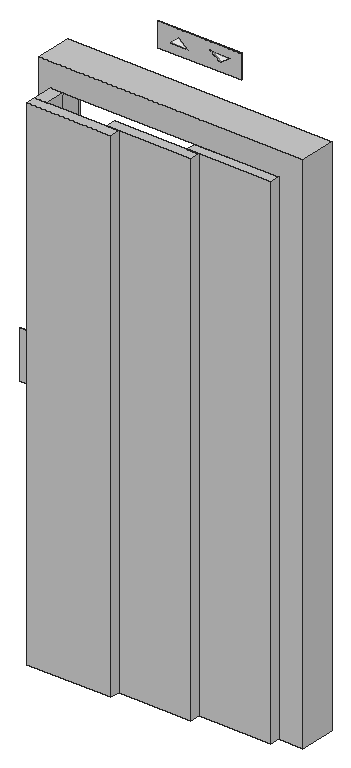
Revit family "DAL_A3-Lift-Side-Door", category Specialty Equipment, host Wall, Revit 2016
Family settings
  Host = Wall
  Part Type = Undefined
  Round Connector Dimension = Use Diameter
  Always vertical = Yes
  Cut with Voids When Loaded = No
  Shared = No
  Room Calculation Point = No
Parameters (values of type "13 Persons 1000kg load")
  Shaft-Car Gap = 250 mm
  Shaft Width = 1800 mm
  Shaft Depth = 2450 mm
  Lift Doors Finish = Lift Doors
  Lift Architrave Finish = Lift Architraves
  Door Width = 900 mm
  Door Offset = 0 mm
  Door Height = 2100 mm
  Description = "Dimensions indicative only! Check with your elevator consultant."
  Car Width = 1100 mm
  Car Offset = 100 mm
  Car Depth = 2100 mm
Types (3, lengths in mm): name | Shaft Width | Shaft Depth | Door Width | Car Width | Car Depth
  4 Person 320kg load | 1550 | 1450 | 700 | 800 | 1100
  6 Person 450kg load | 1700 | 1650 | 800 | 1000 | 1250
  13 Persons 1000kg load | 1800 | 2450 | 900 | 1100 | 2100
Reference planes
  plane 1: y = 0
  plane 2 "Center (Left/Right)": x = 203.914
  plane 3 "Back": y = 75
  plane 4: x = -696.086
  plane 5: x = 1103.914
  plane 6: y = -2450
  plane 7: y = -2300
  plane 8: y = -200
  plane 9 "car cl": x = 303.914
  plane 10 "car left": x = -246.086
  plane 11 "car right": x = 853.914
  plane 12: z = 2100
  plane 13: x = 303.914
  plane 14: x = 753.914
  plane 15: x = -146.086
  plane 16: y = -116.667
  plane 17: y = -158.333
  plane 18: x = 153.914
  plane 19: x = 453.914
Forms (mm)
  Sweep 1, solid, material "Lift Architraves" <- "Lift Architrave Finish"
    path origin (-5000, 75, 0) x (-1, 0, 0) y (0, 0, 1)
      loop
        line (-4753.914, 0) -> (-4753.914, 2200) -> (-5853.914, 2200) -> (-5853.914, 0)
    profile origin (853.914, 75, 1100) x (0, 1, 0) y (-1, 0, 0)
      loop
        line (0, 0) -> (0, 50) -> (-75, 50) -> (-75, 100) -> (-150, 100) -> (-150, 0) -> (0, 0)
  Extrusion 2, solid, material "Lift Doors" <- "Lift Doors Finish"
    sketch origin (0, 0, 0) x (1, 0, 0) y (0, 1, 0)
      loop
        line (753.914, -116.667) -> (753.914, -75) -> (403.914, -75) -> (403.914, -116.667) -> (753.914, -116.667)
    from 0 to 2100 <- "Door Height"
  Extrusion 3, solid, material "Lift Doors" <- "Lift Doors Finish"
    sketch origin (0, 0, 0) x (1, 0, 0) y (0, 1, 0)
      loop
        line (453.914, -158.333) -> (453.914, -116.667) -> (103.914, -116.667) -> (103.914, -158.333) -> (453.914, -158.333)
    from 0 to 2100 <- "Door Height"
  Extrusion 4, solid, material "Lift Doors" <- "Lift Doors Finish"
    sketch origin (0, 0, 0) x (1, 0, 0) y (0, 1, 0)
      loop
        line (153.914, -158.333) -> (-196.086, -158.333) -> (-196.086, -200) -> (153.914, -200) -> (153.914, -158.333)
    from 0 to 2100 <- "Door Height"
  Extrusion 5, solid, material "Lift Architraves" <- "Lift Architrave Finish"
    sketch origin (0, 0, 0) x (1, 0, 0) y (0, 1, 0)
      loop
        line (-146.086, -75) -> (-196.086, -75) -> (-196.086, -158.333) -> (-146.086, -158.333) -> (-146.086, -75)
    from 0 to 2100 <- "Door Height"
Lines and regions (mm)
  Opening 1
    outline origin (-5000, -75, 0) x (1, 0, 0) y (0, 0, 1)
      loop
        line (5853.914, 0) -> (5853.914, 2200) -> (4753.914, 2200) -> (4753.914, 0) -> (5853.914, 0)
  symbolic lines, style "Lift Shaft Outlines"
    curve 1: line (-696.086, -75, 0) -> (1103.914, -75, 0)
    curve 2: line (-696.086, -2450, 0) -> (-696.086, -160, 0)
    curve 3: line (1103.914, -2450, 0) -> (-696.086, -2450, 0)
    curve 4: line (1103.914, -160, 0) -> (1103.914, -2450, 0)
  symbolic lines, style "Lift Car Outlines"
    curve 5: line (-246.086, -200, 0) -> (853.914, -200, 0)
    curve 6: line (-246.086, -2300, 0) -> (-246.086, -200, 0)
    curve 7: line (853.914, -2300, 0) -> (-246.086, -2300, 0)
    curve 8: line (853.914, -200, 0) -> (853.914, -2300, 0)
    curve 9: line (-246.086, -200, 0) -> (853.914, -2300, 0)
    curve 10: line (-246.086, -2300, 0) -> (853.914, -200, 0)
  symbolic lines, style "Lift Doors"
    curve 11: line (753.914, -95.833, 0) -> (1103.914, -95.833, 0)
    curve 12: line (453.914, -137.5, 0) -> (1103.914, -137.5, 0)
    curve 13: line (153.914, -179.167, 0) -> (1103.914, -179.167, 0)
Text (mm)
  text "Placement side" at (-2658.703, 1036.632, 0), in view "Ref. Level"
  text "Placement side" at (0, 1605.175, 2923.955), in view "Left"
  text "Placement side" at (0, 595.982, 3004.978), in view "Right"
Dimensions and locks
  locked: plane 3 "Back" to host wall at 0
  equal spacing: plane 4, plane 2 "Center (Left/Right)", plane 5
  equal spacing: plane 10 "car left", plane 9 "car cl", plane 11 "car right"
  "Car Offset": plane 2 "Center (Left/Right)" to plane 9 "car cl"
  "Car Width": plane 10 "car left" to plane 11 "car right"
  "Shaft Width": plane 4 to plane 5
  "Door Height": level to plane 12
  "Shaft Depth": plane 6 to host wall
  "Car Depth": plane 7 to plane 8
  Sweep 1 sketch curve to profile plane = 50 mm
  locked: Sweep 1 to nested 2 at 100
  equal spacing: level, nested 1, plane 12
  locked: nested 1 to Sweep 1 at 100
  "Door Offset": plane 9 "car cl" to plane 13
  equal spacing: plane 15, plane 13, plane 14
  "Door Width": plane 15 to plane 14
  locked: Opening 1 sketch curve to plane 14 at 100
  locked: plane 12 to Opening 1 sketch curve at 100
  locked: Opening 1 sketch curve to plane 15 at 100
  equal spacing: plane 15, plane 18, plane 19, plane 14
  locked: Extrusion 2 sketch curve to plane 19 at 50
  locked: Extrusion 3 sketch curve to plane 18 at 50
  locked: Extrusion 4 sketch curve to plane 15 at 50
  equal spacing: plane 8, plane 17, plane 16, host wall
  locked: plane 8 to host wall at 125
  aligned and locked: host wall to plane 1
  aligned and locked: plane 4 to curve 1
  aligned and locked: plane 6 to curve 4
  aligned and locked: plane 5 to curve 4
  aligned and locked: plane 10 "car left" to curve 5
  aligned and locked: plane 8 to curve 5
  aligned and locked: plane 7 to curve 8
  aligned and locked: plane 11 "car right" to curve 8
  aligned and locked: profile plane to Sweep 1 sketch curve
  aligned and locked: host wall to Sweep 1 sketch curve
  aligned and locked: Sweep 1 sketch curve to plane 1
  aligned and locked: level to Opening 1 sketch curve
  aligned and locked: Sweep 1 sketch curve to host wall  (x3)
  aligned and locked: nested 2 to plane 13
  aligned and locked: plane 14 to Extrusion 2 sketch curve
  aligned and locked: Extrusion 2 sketch curve to plane 16
  aligned and locked: host wall to Extrusion 2 sketch curve
  aligned and locked: plane 19 to Extrusion 3 sketch curve
  aligned and locked: Extrusion 3 sketch curve to plane 17
  aligned and locked: plane 16 to Extrusion 3 sketch curve
  aligned and locked: plane 18 to Extrusion 4 sketch curve
  aligned and locked: Extrusion 4 sketch curve to plane 17
  aligned and locked: plane 8 to Extrusion 4 sketch curve
  aligned and locked: Extrusion 2 to curve 11
  aligned and locked: plane 5 to curve 11
  aligned and locked: Extrusion 3 to curve 12
  aligned and locked: plane 5 to curve 12
  aligned and locked: Extrusion 4 to curve 13
  aligned and locked: Extrusion 5 sketch curve to Sweep 1
  aligned and locked: Extrusion 5 sketch curve to host wall
  aligned and locked: Extrusion 4 to Extrusion 5 sketch curve
  aligned and locked: Extrusion 5 sketch curve to Extrusion 4
Automatic sketch dimensions
  Sweep 1 sketch curve to profile plane = 50 mm
  Sweep 1 sketch curve to Sweep 1 sketch curve = 50 mm
  Sweep 1 sketch curve to level = 0 mm  (x2)
  curve 3 to plane 4 = 0 mm
  curve 1 to host wall = 0 mm
  curve 1 to plane 5 = 0 mm
  curve 13 to plane 8 = 20.833 mm
  plane 17 to curve 2 = 1.667 mm
  plane 17 to curve 4 = 1.667 mm
  plane 16 to curve 12 = 20.833 mm
  host wall to curve 11 = 20.833 mm
Nested families
  nested 1: "Elevator Call Buttons" at (-300.027, 0, -50), type "Basic"
    with Height Above Floor 900 mm
  nested 2: "Elevator Anunciator" at (399.973, 0, 0), type "Basic"
    with Height Above Floor 2300 mm
Definition of nested family "Elevator Call Buttons"
  Parameters
    Width = 100 mm
    Height Above Floor [instance] = 900 mm
    Height = 200 mm
  Reference planes
    plane 1: y = 0
    plane 2 "Center (Left/Right)": x = -96.058
    plane 3 "Back": y = 75
    plane 4: z = 900
    plane 5: x = -46.058
    plane 6: x = -146.058
    plane 7: z = 1100
    plane 8: z = 1033.333
    plane 9: z = 966.667
  Forms (mm)
    Extrusion 1, solid
      sketch origin (0, 75, 0) x (1, 0, 0) y (0, 0, 1)
        loop
          line (-46.058, 1100) -> (-146.058, 1100) -> (-146.058, 900) -> (-46.058, 900) -> (-46.058, 1100)
        loop
          circle (-96.058, 1033.333) r 15
        loop
          circle (-96.058, 966.667) r 15
      from 0 to -3
    Extrusion 2, solid
      sketch origin (0, 75, 0) x (1, 0, 0) y (0, 0, 1)
        loop
          circle (-96.058, 1033.333) r 15
        loop
          circle (-96.058, 966.667) r 15
      from 0 to -4
  Text (mm)
    text "Placement side" at (-1864.261, 916.262, 0), in view "Ref. Level"
    text "Placement side" at (0, 1605.175, 2923.955), in view "Left"
    text "Placement side" at (0, 595.982, 3004.978), in view "Right"
  Dimensions and locks
    locked: plane 3 "Back" to host wall at 0
    equal spacing: plane 5, plane 2 "Center (Left/Right)", plane 6
    "Height": plane 4 to plane 7
    "Width": plane 5 to plane 6
    "Height Above Floor": level to plane 4
    equal spacing: plane 4, plane 9, plane 8, plane 7
    aligned and locked: host wall to plane 1
    aligned and locked: plane 5 to Extrusion 1 sketch curve
    aligned and locked: Extrusion 1 sketch curve to plane 7
    aligned and locked: plane 4 to Extrusion 1 sketch curve
    aligned and locked: Extrusion 1 sketch curve to plane 6
  Automatic sketch dimensions
    Extrusion 1 sketch curve to plane 2 "Center (Left/Right)" = 0 mm  (x2)
    Extrusion 1 sketch curve to plane 9 = 0 mm
    Extrusion 1 sketch curve to plane 8 = 0 mm
    Extrusion 2 sketch curve to plane 2 "Center (Left/Right)" = 0 mm  (x2)
    Extrusion 2 sketch curve to plane 4 = 66.667 mm
    plane 7 to Extrusion 2 sketch curve = 66.667 mm
    radius of Extrusion 1 sketch curve = 15 mm  (x2)
    radius of Extrusion 2 sketch curve = 15 mm  (x2)
Definition of nested family "Elevator Anunciator"
  Parameters
    Width = 350 mm
    Height Above Floor [instance] = 2300 mm
    Height = 100 mm
  Reference planes
    plane 1: y = 0
    plane 2 "Center (Left/Right)": x = -96.058
    plane 3 "Back": y = 75
    plane 4: z = 2300
    plane 5: x = 78.942
    plane 6: x = -271.058
    plane 7: z = 2400
    plane 8: z = 2366.667
    plane 9: z = 2333.333
    plane 10: x = -8.558
    plane 11: x = -52.308
    plane 12: x = 35.192
    plane 13: x = -183.558
    plane 14: x = -139.808
    plane 15: x = -227.308
  Forms (mm)
    Extrusion 1, solid
      sketch origin (0, 75, 0) x (1, 0, 0) y (0, 0, 1)
        loop
          line (78.942, 2400) -> (-271.058, 2400) -> (-271.058, 2300) -> (78.942, 2300) -> (78.942, 2400)
        loop
          line (35.192, 2366.667) -> (-52.308, 2366.667) -> (-8.558, 2333.333) -> (35.192, 2366.667)
        loop
          line (-139.808, 2333.333) -> (-183.558, 2366.667) -> (-227.308, 2333.333) -> (-139.808, 2333.333)
      from 0 to -3
    Extrusion 2, solid
      sketch origin (0, 75, 0) x (1, 0, 0) y (0, 0, 1)
        loop
          line (-52.308, 2366.667) -> (-8.558, 2333.333) -> (35.192, 2366.667) -> (-52.308, 2366.667)
        loop
          line (-183.558, 2366.667) -> (-227.308, 2333.333) -> (-139.808, 2333.333) -> (-183.558, 2366.667)
      from 0 to -4
  Text (mm)
    text "Placement side" at (-1864.261, 916.262, 0), in view "Ref. Level"
    text "Placement side" at (0, 1605.175, 2923.955), in view "Left"
    text "Placement side" at (0, 595.982, 3004.978), in view "Right"
  Dimensions and locks
    locked: plane 3 "Back" to host wall at 0
    equal spacing: plane 5, plane 2 "Center (Left/Right)", plane 6
    "Height": plane 4 to plane 7
    "Width": plane 5 to plane 6
    "Height Above Floor": level to plane 4
    equal spacing: plane 4, plane 9, plane 8, plane 7
    equal spacing: plane 5, plane 12, plane 10, plane 11, plane 2 "Center (Left/Right)"
    equal spacing: plane 2 "Center (Left/Right)", plane 14, plane 13, plane 15, plane 6
    aligned and locked: host wall to plane 1
    aligned and locked: plane 5 to Extrusion 1 sketch curve
    aligned and locked: Extrusion 1 sketch curve to plane 7
    aligned and locked: plane 4 to Extrusion 1 sketch curve
    aligned and locked: Extrusion 1 sketch curve to plane 6
    aligned and locked: plane 12 to Extrusion 1 sketch curve
    aligned and locked: plane 10 to Extrusion 1 sketch curve
    aligned and locked: plane 8 to Extrusion 1 sketch curve
    aligned and locked: plane 14 to Extrusion 1 sketch curve
    aligned and locked: plane 13 to Extrusion 1 sketch curve
    aligned and locked: Extrusion 2 sketch curve to Extrusion 1  (x6)
  Automatic sketch dimensions
    Extrusion 1 sketch curve to plane 15 = 0 mm
    Extrusion 1 sketch curve to plane 11 = 0 mm
    Extrusion 1 sketch curve to plane 9 = 0 mm  (x2)
    Extrusion 1 sketch curve to plane 8 = 0 mm
